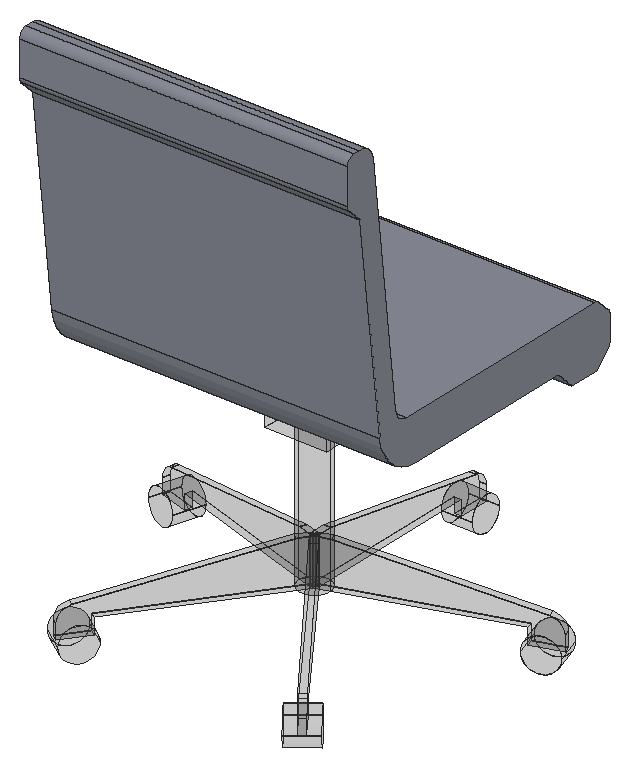
Revit family
Parameters (values of type "Chair-Task")
  Assembly Code = "E2020200"
  Base Material = Plastic - Black
  Caster Material = Plastic - Black
  Seat/Back Material = Textile - Slate Blue
Reference planes (in)
  plane 1 "Center (Front/Back)": y = 0.7459
  plane 2: z = 0
  plane 3 "Center (Left/Right)": x = 5.55082
  plane 4: x = 18.05082
  plane 5: x = -6.94918
  plane 6: y = -12.7541
  plane 7: y = 14.2459
  plane 8: z = 35
  plane 9: z = 18
  plane 10: y = -9.7541
  plane 11: z = 34
  plane 12: y = 11.2459
  plane 13: y = 10.2459
  plane 14: z = 17
  plane 15: y = -8.7541
  plane 16: z = 31
  plane 17: z = 14
  plane 18: x = 7.55082
  plane 19: x = 3.55082
Forms (in)
  Extrusion 1, solid, material "Textile - Slate Blue" <- "Seat/Back Material"
    sketch origin (-6.94918, 0, 0) x (0, -1, 0) y (0, 0, 1)
      loop
        arc (-10.03977, 18) -> (-10.23034, 17.96226) -> (-10.39214, 17.85473) r 0.5
        line (-10.39214, 17.85473) -> (-11.09827, 17.15331)
        arc (-11.09827, 17.15331) -> (-11.20752, 16.99069) -> (-11.2459, 16.79857) r 0.5
        line (-11.2459, 16.79857) -> (-11.2459, 15.41892)
        arc (-11.2459, 15.41892) -> (-11.17042, 15.03778) -> (-10.95537, 14.71418) r 1
        line (-10.95537, 14.71418) -> (-10.24595, 14) -> (-8.24595, 14) -> (-7.12892, 15.10959) -> (4.21689, 15.10959)
        arc (4.21689, 15.10959) -> (6.21043, 15.86776) -> (7.19634, 17.75907) r 3
        line (7.19634, 17.75907) -> (8.7541, 31) -> (9.60765, 31.85355)
        arc (9.60765, 31.85355) -> (9.71604, 32.01577) -> (9.7541, 32.20711) r 0.5
        line (9.7541, 32.20711) -> (9.7541, 34.5)
        arc (9.7541, 34.5) -> (9.60765, 34.85355) -> (9.2541, 35) r 0.5
        line (9.2541, 35) -> (8.7472, 35)
        arc (8.7472, 35) -> (8.08269, 34.74728) -> (7.75405, 34.11684) r 1
        line (7.75405, 34.11684) -> (5.96185, 18.88316)
        arc (5.96185, 18.88316) -> (5.63322, 18.25272) -> (4.9687, 18) r 1
        line (4.9687, 18) -> (-10.03977, 18)
    from -2 to -23
  Extrusion 2, solid, material "Plastic - Black" <- "Base Material"
    sketch origin (7.55082, 0, 0) x (0, -1, 0) y (0, 0, 1)
      loop
        line (0.7541, 15.10959) -> (-2.7459, 15.10959) -> (-2.7459, 14.60959) -> (-0.7459, 11.14549) -> (0.7541, 11.14549) -> (0.7541, 15.10959)
    from 0 to 4
  Extrusion 3, solid, material "Plastic - Black" <- "Base Material"
    sketch origin (5.55082, 0, 0) x (0, 1, 0) y (0, 0, 1)
      loop
        line (0.7459, 2.10959) -> (12.2459, 2.10959) -> (12.2459, 1.10959) -> (14.2459, 1.10959) -> (14.2459, 2.0664)
        arc (14.2459, 2.0664) -> (14.01195, 2.70919) -> (13.41955, 3.05121) r 1
        line (13.41955, 3.05121) -> (1.7459, 5.10959) -> (0.7459, 5.10959) -> (0.7459, 2.10959)
    from 0.25 to -0.25
  Extrusion 4, solid, material "Plastic - Black" <- "Caster Material"
    sketch origin (5.55082, 0, 0) x (0, 1, 0) y (0, 0, 1)
      loop
        circle (13.2459, 1.10959) r 1.11025
    from 1 to -1
  Extrusion 5, solid, material "Plastic - Black" <- "Base Material"
    sketch origin (6.26021, 0.51541, 0) x (-0.951057, 0.309017, 0) y (0, 0, 1)
      loop
        line (0.7459, 2.10959) -> (12.2459, 2.10959) -> (12.2459, 1.10959) -> (14.2459, 1.10959) -> (14.2459, 2.0664)
        arc (14.2459, 2.0664) -> (14.01195, 2.70919) -> (13.41955, 3.05121) r 1
        line (13.41955, 3.05121) -> (1.7459, 5.10959) -> (0.7459, 5.10959) -> (0.7459, 2.10959)
    from 0.25 to -0.25
  Extrusion 6, solid, material "Plastic - Black" <- "Caster Material"
    sketch origin (6.26021, 0.51541, 0) x (-0.951057, 0.309017, 0) y (0, 0, 1)
      loop
        circle (13.2459, 1.10959) r 1.11025
    from 1 to -1
  Extrusion 7, solid, material "Plastic - Black" <- "Base Material"
    sketch origin (5.98925, 1.34935, 0) x (-0.587785, -0.809017, 0) y (0, 0, 1)
      loop
        line (0.7459, 2.10959) -> (12.2459, 2.10959) -> (12.2459, 1.10959) -> (14.2459, 1.10959) -> (14.2459, 2.0664)
        arc (14.2459, 2.0664) -> (14.01195, 2.70919) -> (13.41955, 3.05121) r 1
        line (13.41955, 3.05121) -> (1.7459, 5.10959) -> (0.7459, 5.10959) -> (0.7459, 2.10959)
    from 0.25 to -0.25
  Extrusion 8, solid, material "Plastic - Black" <- "Caster Material"
    sketch origin (5.98925, 1.34935, 0) x (-0.587785, -0.809017, 0) y (0, 0, 1)
      loop
        circle (13.2459, 1.10959) r 1.11025
    from 1 to -1
  Extrusion 9, solid, material "Plastic - Black" <- "Base Material"
    sketch origin (5.11239, 1.34935, 0) x (0.587785, -0.809017, 0) y (0, 0, 1)
      loop
        line (0.7459, 2.10959) -> (12.2459, 2.10959) -> (12.2459, 1.10959) -> (14.2459, 1.10959) -> (14.2459, 2.0664)
        arc (14.2459, 2.0664) -> (14.01195, 2.70919) -> (13.41955, 3.05121) r 1
        line (13.41955, 3.05121) -> (1.7459, 5.10959) -> (0.7459, 5.10959) -> (0.7459, 2.10959)
    from 0.25 to -0.25
  Extrusion 10, solid, material "Plastic - Black" <- "Caster Material"
    sketch origin (5.11239, 1.34935, 0) x (0.587785, -0.809017, 0) y (0, 0, 1)
      loop
        circle (13.2459, 1.10959) r 1.11025
    from 1 to -1
  Extrusion 11, solid, material "Plastic - Black" <- "Base Material"
    sketch origin (4.84143, 0.51541, 0) x (0.951057, 0.309017, 0) y (0, 0, 1)
      loop
        line (0.7459, 2.10959) -> (12.2459, 2.10959) -> (12.2459, 1.10959) -> (14.2459, 1.10959) -> (14.2459, 2.0664)
        arc (14.2459, 2.0664) -> (14.01195, 2.70919) -> (13.41955, 3.05121) r 1
        line (13.41955, 3.05121) -> (1.7459, 5.10959) -> (0.7459, 5.10959) -> (0.7459, 2.10959)
    from 0.25 to -0.25
  Extrusion 12, solid, material "Plastic - Black" <- "Caster Material"
    sketch origin (4.84143, 0.51541, 0) x (0.951057, 0.309017, 0) y (0, 0, 1)
      loop
        circle (13.2459, 1.10959) r 1.11025
    from 1 to -1
  Extrusion 13, solid, material "Plastic - Black" <- "Base Material"
    sketch origin (0, 0, 0) x (1, 0, 0) y (0, 1, 0)
      loop
        circle (5.55082, 0.7459) r 1
    from 2.10959 to 15.125
Lines and regions (in)
  Masking region 1
    outline origin (0, 0, 0) x (1, 0, 0) y (0, 1, 0)
      loop
        line (-4.94918, 11.2459) -> (-4.94918, -9.7541) -> (16.05082, -9.7541) -> (16.05082, 11.2459) -> (-4.94918, 11.2459)
  symbolic lines
    curve 1: line (-3.94918, -9.7541, 0) -> (15.05082, -9.7541, 0)
    curve 2: line (-4.94918, -8.7541, 0) -> (-4.94918, -6.9687, 0)
    curve 3: line (-2.94918, -4.9687, 0) -> (14.05082, -4.9687, 0)
    curve 4: line (16.05082, -8.7541, 0) -> (16.05082, -6.9687, 0)
    curve 5: arc (-2.94918, -4.9687, 0) -> (-4.36339, -5.55449, 0) -> (-4.94918, -6.9687, 0) r 2
    curve 6: arc (14.05082, -4.9687, 0) -> (15.46503, -5.55449, 0) -> (16.05082, -6.9687, 0) r 2
    curve 7: arc (-4.94918, -8.7541, 0) -> (-4.65629, -9.46121, 0) -> (-3.94918, -9.7541, 0) r 1
    curve 8: arc (16.05082, -8.7541, 0) -> (15.75793, -9.46121, 0) -> (15.05082, -9.7541, 0) r 1
Dimensions and locks (in)
  equal spacing: plane 5, plane 3 "Center (Left/Right)", plane 4
  plane 5 to plane 4 = 2' - 1"
  equal spacing: plane 6, plane 1 "Center (Front/Back)", plane 7
  plane 6 to plane 7 = 2' - 3"
Automatic sketch dimensions
  curve 7 to plane 5 = 0' - 2"
  curve 7 to curve 7 = 0' - 1"
  curve 2 to curve 5 = 0' - 2"
  plane 4 to curve 6 = 0' - 4"
  curve 6 to curve 8 = 0' - 1"
  curve 8 to curve 4 = 0' - 1"
  curve 1 to plane 6 = 0' - 3"
  curve 8 to curve 6 = 0' - 1.7854"
  Masking region 1 sketch curve to plane 5 = 0' - 2"
  plane 4 to Masking region 1 sketch curve = 0' - 2"
  Masking region 1 sketch curve to plane 6 = 0' - 3"
  plane 7 to Masking region 1 sketch curve = 0' - 3"
